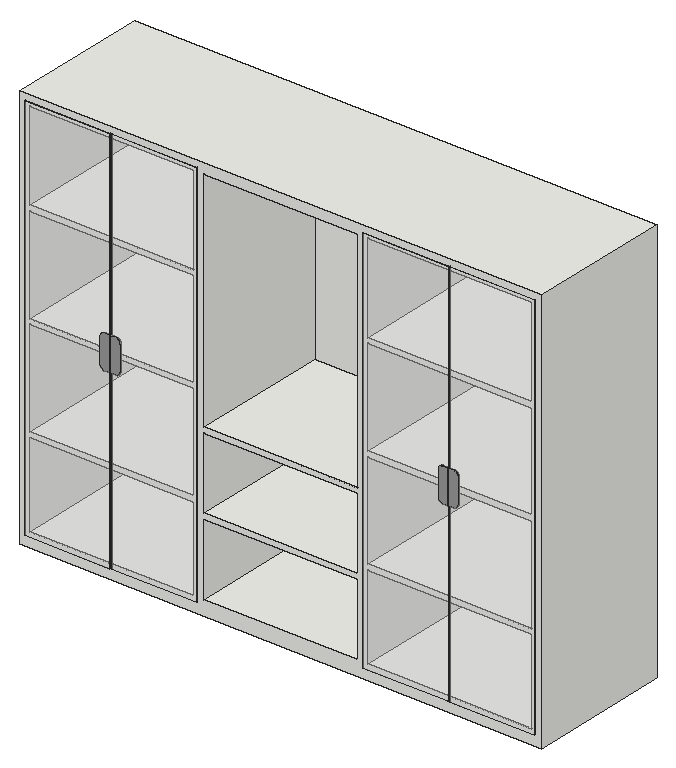
Revit family
Parameters (values of type "2743 x 2134 x 0762mm")
  Material = Laminate - Ivory,Matte
  Keynote = "N"
  Center Width = 813.00 mm
  Depth = 762.00 mm
  Height = 2134.00 mm
  Width = 2743.00 mm
Types (3, lengths in mm): name | Depth | Height | Width
  (no name) | 762.00 | 2134.00 | 2743.00
  1830 x 1830 x 0610mm | 610.00 | 1830.00 | 1830.00
  2743 x 2134 x 0762mm | 762.00 | 2134.00 | 2743.00
Reference planes
  plane 1: y = -406.4
  plane 2: z = 0
  plane 3: x = 0
  plane 4 "Back": y = -25.4
  plane 5 "Front": y = -787.4
  plane 6 "Right": x = 1371.5
  plane 7 "Left": x = -1371.5
  plane 8: z = 2134
  plane 9: x = -1320.7
  plane 10: x = -406.5
  plane 11: x = 406.5
  plane 12: x = 1320.7
  plane 13: x = -1371.5
  plane 14: x = 1371.5
  plane 15: z = 1600.5
  plane 16: z = 1067
  plane 17: z = 533.5
  plane 18: x = -431.9
  plane 19: x = 431.9
  plane 20: x = -889
  plane 21: x = 889
  plane 22: x = -1320.7
  plane 23: x = -457.3
  plane 24: x = 457.3
  plane 25: x = 1320.7
Forms (mm)
  Extrusion 1, solid, material "Laminate - Ivory,Matte" <- "Material"
    sketch origin (0, 0, 0) x (1, 0, 0) y (0, 0, 1)
      loop
        line (-1371.5, 0) -> (1371.5, 0) -> (1371.5, 2134) -> (-1371.5, 2134) -> (-1371.5, 0)
      loop
        line (-1320.7, 2083.2) -> (-1320.7, 1613.2) -> (-457.3, 1613.2) -> (-457.3, 2083.2) -> (-1320.7, 2083.2)
      loop
        line (-1320.7, 76.2) -> (-457.3, 76.2) -> (-457.3, 520.8) -> (-1320.7, 520.8) -> (-1320.7, 76.2)
      loop
        line (1320.7, 2083.2) -> (457.3, 2083.2) -> (457.3, 1613.2) -> (1320.7, 1613.2) -> (1320.7, 2083.2)
      loop
        line (-406.5, 2083.2) -> (-406.5, 889.2) -> (406.5, 889.2) -> (406.5, 2083.2) -> (-406.5, 2083.2)
      loop
        line (-406.5, 76.2) -> (406.5, 76.2) -> (406.5, 457.3) -> (-406.5, 457.3) -> (-406.5, 76.2)
      loop
        line (457.3, 76.2) -> (1320.7, 76.2) -> (1320.7, 520.8) -> (457.3, 520.8) -> (457.3, 76.2)
      loop
        line (-457.3, 546.2) -> (-457.3, 1054.3) -> (-1320.7, 1054.3) -> (-1320.7, 546.2) -> (-457.3, 546.2)
      loop
        line (-1320.7, 1587.8) -> (-1320.7, 1079.7) -> (-457.3, 1079.7) -> (-457.3, 1587.8) -> (-1320.7, 1587.8)
      loop
        line (1320.7, 1587.8) -> (457.3, 1587.8) -> (457.3, 1079.7) -> (1320.7, 1079.7) -> (1320.7, 1587.8)
      loop
        line (1320.7, 1054.3) -> (457.3, 1054.3) -> (457.3, 546.2) -> (1320.7, 546.2) -> (1320.7, 1054.3)
      loop
        line (-406.5, 482.7) -> (406.5, 482.7) -> (406.5, 863.8) -> (-406.5, 863.8) -> (-406.5, 482.7)
    from 25.4 to 781.05
  Extrusion 2, solid, material "Laminate - Ivory,Matte" <- "Material"
    sketch origin (0, -25.4, 0) x (-1, 0, 0) y (0, 0, 1)
      loop
        line (1320.7, 2083.2) -> (-1320.7, 2083.2) -> (-1320.7, 76.2) -> (1320.7, 76.2) -> (1320.7, 2083.2)
    from 0 to -25.4
  Extrusion 3, solid, material "Glass - Clear, Grey"
    sketch origin (0, -787.4, 0) x (-1, 0, 0) y (0, 0, 1)
      loop
        line (1339.75, 2102.25) -> (892.175, 2102.25) -> (892.175, 50.8) -> (1339.75, 50.8) -> (1339.75, 2102.25)
      loop
        line (438.25, 50.8) -> (885.825, 50.8) -> (885.825, 2102.25) -> (438.25, 2102.25) -> (438.25, 50.8)
      loop
        line (-1339.75, 2102.25) -> (-1339.75, 50.8) -> (-892.175, 50.8) -> (-892.175, 2102.25) -> (-1339.75, 2102.25)
      loop
        line (-438.25, 50.8) -> (-438.25, 2102.25) -> (-885.825, 2102.25) -> (-885.825, 50.8) -> (-438.25, 50.8)
    from 0 to 6.35
  Extrusion 4, solid, material "Metal - Chrome"
    sketch origin (0, -787.4, 0) x (-1, 0, 0) y (0, 0, 1)
      loop
        line (885.825, 1155.9) -> (861.599, 1155.9)
        arc (861.599, 1155.9) -> (843.638, 1148.461) -> (836.199, 1130.5) r 25.4
        line (836.199, 1130.5) -> (836.199, 1003.5)
        arc (836.199, 1003.5) -> (843.638, 985.539) -> (861.599, 978.1) r 25.4
        line (861.599, 978.1) -> (885.825, 978.1) -> (885.825, 1155.9)
      loop
        line (892.175, 1155.9) -> (892.175, 978.1) -> (916.781, 978.1)
        arc (916.781, 978.1) -> (934.742, 985.539) -> (942.181, 1003.5) r 25.4
        line (942.181, 1003.5) -> (942.181, 1130.5)
        arc (942.181, 1130.5) -> (934.742, 1148.461) -> (916.781, 1155.9) r 25.4
        line (916.781, 1155.9) -> (892.175, 1155.9)
      loop
        line (-885.825, 1155.9) -> (-885.825, 978.1) -> (-861.599, 978.1)
        arc (-861.599, 978.1) -> (-843.638, 985.539) -> (-836.199, 1003.5) r 25.4
        line (-836.199, 1003.5) -> (-836.199, 1130.5)
        arc (-836.199, 1130.5) -> (-843.638, 1148.461) -> (-861.599, 1155.9) r 25.4
        line (-861.599, 1155.9) -> (-885.825, 1155.9)
      loop
        line (-892.175, 1155.9) -> (-916.781, 1155.9)
        arc (-916.781, 1155.9) -> (-934.742, 1148.461) -> (-942.181, 1130.5) r 25.4
        line (-942.181, 1130.5) -> (-942.181, 1003.5)
        arc (-942.181, 1003.5) -> (-934.742, 985.539) -> (-916.781, 978.1) r 25.4
        line (-916.781, 978.1) -> (-892.175, 978.1) -> (-892.175, 1155.9)
    from 0 to -3.175
Lines and regions (mm)
  Masking region 1
    outline origin (0, 0, 0) x (1, 0, 0) y (0, 1, 0)
      loop
        line (-1371.5, -25.4) -> (-1371.5, -787.4) -> (1371.5, -787.4) -> (1371.5, -25.4) -> (-1371.5, -25.4)
  symbolic lines, style "Furniture"
    curve 1: line (-1371.5, -787.4, 0) -> (1371.5, -787.4, 0)
    curve 2: line (-1371.5, -25.4, 0) -> (-1371.5, -787.4, 0)
    curve 3: line (1371.5, -25.4, 0) -> (-1371.5, -25.4, 0)
    curve 4: line (1371.5, -787.4, 0) -> (1371.5, -25.4, 0)
Dimensions and locks
  locked: plane 13 to plane 9 at 50.8
  locked: plane 12 to plane 14 at 50.8
  plane 8 to Extrusion 1 sketch curve = 50.80 mm
  Extrusion 1 sketch curve to plane 2 = 76.20 mm
  Extrusion 1 sketch curve to Extrusion 1 sketch curve = 25.40 mm  (x2)
  "Width": plane 7 "Left" to plane 6 "Right"
  equal spacing: plane 7 "Left", plane 3, plane 6 "Right"
  equal spacing: plane 4 "Back", plane 1, plane 5 "Front"
  "Depth": plane 4 "Back" to plane 5 "Front"
  equal spacing: plane 8, plane 15, plane 16, plane 17, plane 2
  locked: Extrusion 1 sketch curve to plane 15 at 12.7
  locked: plane 15 to Extrusion 1 sketch curve at 12.7
  locked: Extrusion 1 sketch curve to plane 16 at 12.7
  locked: plane 16 to Extrusion 1 sketch curve at 12.7
  locked: Extrusion 1 sketch curve to plane 17 at 12.7
  locked: plane 17 to Extrusion 1 sketch curve at 12.7
  "Height": plane 8 to plane 2
  "Center Width": plane 10 to plane 11
  equal spacing: plane 10, plane 3, plane 11
  locked: plane 18 to plane 10 at 25.4
  locked: plane 11 to plane 19 at 25.4
  locked: plane 7 "Left" to plane 22 at 50.8
  locked: plane 23 to plane 18 at 25.4
  locked: plane 19 to plane 24 at 25.4
  locked: plane 25 to plane 6 "Right" at 50.8
  equal spacing: plane 22, plane 20, plane 23
  equal spacing: plane 24, plane 21, plane 25
  aligned and locked: Extrusion 1 sketch curve to plane 13
  aligned and locked: Extrusion 1 sketch curve to plane 14
  aligned and locked: plane 13 to plane 7 "Left"
  aligned and locked: Extrusion 1 sketch curve to Extrusion 1 sketch curve  (x2)
  aligned and locked: plane 14 to plane 6 "Right"
  aligned and locked: plane 4 "Back" to Extrusion 1
  aligned and locked: Extrusion 1 to Extrusion 3
  aligned and locked: Extrusion 4 sketch curve to Extrusion 3  (x2)
  aligned and locked: Extrusion 3 to Extrusion 4 sketch curve  (x2)
  aligned: Masking region 1 sketch curve to plane 4 "Back"
  aligned: plane 5 "Front" to Masking region 1 sketch curve
  aligned: Masking region 1 sketch curve to plane 6 "Right"
Automatic sketch dimensions
  Extrusion 1 sketch curve to plane 9 = 0.00 mm  (x4)
  Extrusion 1 sketch curve to plane 10 = 0.00 mm  (x3)
  Extrusion 1 sketch curve to plane 11 = 0.00 mm  (x3)
  Extrusion 1 sketch curve to plane 12 = 0.00 mm  (x4)
  Extrusion 1 sketch curve to Extrusion 1 sketch curve = 50.80 mm  (x2)
  Extrusion 1 sketch curve to plane 11 = 50.80 mm
  Extrusion 1 sketch curve to plane 8 = 0.00 mm
  Extrusion 1 sketch curve to Extrusion 1 sketch curve = 0.00 mm  (x6)
  Extrusion 1 sketch curve to level = 0.00 mm
  level to Extrusion 1 sketch curve = 76.20 mm
  plane 8 to Extrusion 1 sketch curve = 50.80 mm
  Extrusion 1 sketch curve to Extrusion 1 sketch curve = 165.10 mm  (x2)
  Extrusion 1 sketch curve to Extrusion 1 sketch curve = 25.40 mm  (x2)
  Extrusion 1 sketch curve to Extrusion 1 sketch curve = 38.10 mm  (x2)
  curve 3 to plane 4 "Back" = 0.00 mm
  curve 3 to plane 7 "Left" = 0.00 mm
  curve 3 to plane 6 "Right" = 0.00 mm
  curve 1 to plane 5 "Front" = 0.00 mm
  Extrusion 2 sketch curve to plane 6 "Right" = 50.80 mm
  plane 7 "Left" to Extrusion 2 sketch curve = 50.80 mm
  level to Extrusion 2 sketch curve = 76.20 mm
  plane 8 to Extrusion 2 sketch curve = 50.80 mm
  plane 18 to Extrusion 1 sketch curve = 25.40 mm
  Extrusion 3 sketch curve to plane 6 "Right" = 31.75 mm
  Extrusion 3 sketch curve to plane 21 = 3.175 mm
  plane 21 to Extrusion 3 sketch curve = 3.175 mm
  Extrusion 3 sketch curve to plane 19 = 6.35 mm
  plane 18 to Extrusion 3 sketch curve = 6.35 mm
  Extrusion 3 sketch curve to plane 20 = 3.175 mm
  plane 20 to Extrusion 3 sketch curve = 3.175 mm
  plane 7 "Left" to Extrusion 3 sketch curve = 31.75 mm
  level to Extrusion 3 sketch curve = 50.80 mm  (x4)
  plane 8 to Extrusion 3 sketch curve = 31.75 mm  (x4)
  Extrusion 4 sketch curve to Extrusion 4 sketch curve = 24.606 mm  (x4)
  Extrusion 4 sketch curve to Extrusion 4 sketch curve = 25.40 mm  (x5)
  Extrusion 4 sketch curve to Extrusion 4 sketch curve = 24.226 mm  (x4)
  Extrusion 4 sketch curve to Extrusion 4 sketch curve = 49.626 mm
  plane 16 to Extrusion 4 sketch curve = 88.90 mm  (x2)
  Extrusion 4 sketch curve to Extrusion 4 sketch curve = 0.00 mm  (x2)
  Extrusion 4 sketch curve to plane 16 = 63.50 mm  (x2)
  Masking region 1 sketch curve to plane 5 "Front" = 0.00 mm
  Masking region 1 sketch curve to plane 7 "Left" = 0.00 mm
  Masking region 1 sketch curve to plane 6 "Right" = 0.00 mm
  Masking region 1 sketch curve to plane 4 "Back" = 0.00 mm
